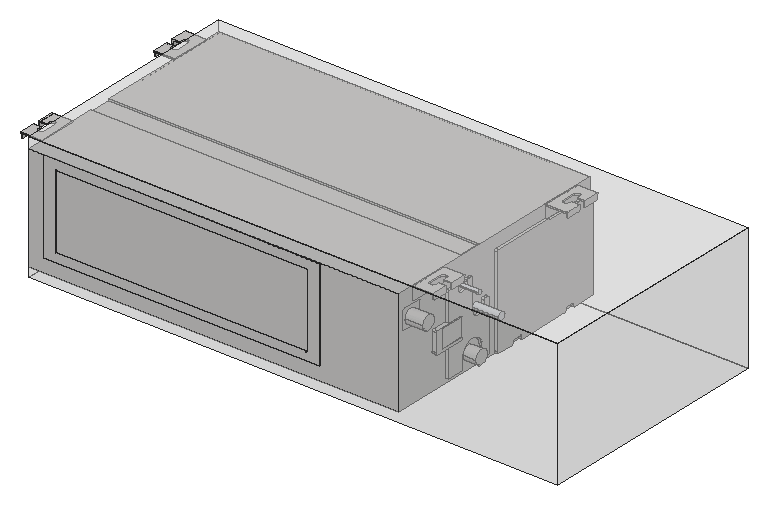
Revit family "outputfile", category 機械設備, Revit 2024
Family settings
  丸型コネクタ寸法 = 半径を使用
  パーツ タイプ = 標準
  OmniClass 番号 = 23.75.10.24.21.27.27
  OmniClass タイトル = Split System Air Conditioning Units
  作業面ベース = いいえ
  常に垂直 = はい
  ロード時にボイドで切り取り = いいえ
  注釈の向きを維持 = いいえ
  共有 = いいえ
  部屋計算ポイント = はい
Parameters (values of type "FPDAQ25APVM")
  Description = ""
  製造元 = "Daikin"
  書き出し IFC クラス(タイプ) = "IfcUnitaryEquipmentType"
  定義済み IFC タイプ(タイプ) = "AIRCONDITIONINGUNIT"
  Cost = 0
  モデル = "FPDAQ25APVM"
  Type Comments = ""
  Keynote = ""
  Type Image = (empty or 0)
  Assembly Code = ""
  lw_suctionflange = 36.75 mm  # constant formula
  r_Liquid Pipe Size = Liquid Pipe Size / 2  # 3.2 mm
  r_Gas Pipe Size = Gas Pipe Size / 2  # 6.35 mm
  r_Drain Pipe Size = Drain Pipe Size / 2  # 13.0 mm
  lw_dischargeflange = 60.0 mm  # constant formula
  lw_SA_left = 351.0 mm
  lw_SA = Width - 178.0 mm  # 522.0 mm
  lw_RA = 624.5 mm
  lh_suctionflange [instance] = if(Rear Connection_Return Air, -100.0 mm, -10.0 mm)  # -100.0 mm
  lh_power = 100.0 mm  # constant formula
  lh_mountinghole1 = lh_mountinghole  # 200.0 mm
  lh_dischargeflange = 112.0 mm  # constant formula
  lh_RA = 198.0 mm  # constant formula
  ld_dischargeflange = 225.0 mm  # constant formula
  ld_suctionflange [instance] = if(Rear Connection_Return Air, 190.0 mm, 100.0 mm)  # 190.0 mm
  angle_vertical_RA [instance] = if(Rear Connection_Return Air, 90.00°, 0.00°)  # 90.00°
  angle horizontal_RA [instance] = if(Rear Connection_Return Air, 180.00°, 270.00°)  # 180.00°
  Voltage_comment_60Hz = "220-230"
  Voltage_comment_50Hz = "220 - 240"
  Voltage_60Hz = 220 V
  Voltage_50Hz = 230 V
  URL = ""
  Supply Air Direction [instance] = yes
  Sound Power Level_H speed (dB) = 0
  Rear Connection_Return Air [instance] = not(Bottom Connection_Return Air)  # yes
  ld_RA = 190.0 mm  # constant formula
  Phase_60Hz = 1
  Phase_50Hz = 1
  Minimum External Static Pressure = 0.00 Pa
  Minimum Circuit Amps_60Hz = 0.4 A
  Minimum Circuit Amps_50Hz = 0.4 A
  Maximum Fuse Amps_60Hz = 16.0 A
  Maximum Fuse Amps_50Hz = 16.0 A
  Maximum External Static Pressure = 10.00 Pa
  Material_Casing = DAIKIN_GalvanizedSteel_Casing_indoorunit
  lw_mountinghole = 740.0 mm
  lh_gaspipe = -98.0 mm  # constant formula
  lh_mountinghole = 200.0 mm  # constant formula
  lh_liquidpipe = -45.5 mm  # constant formula
  lh_drainpipe = -50.0 mm  # constant formula
  lh_antena = 1.0 mm  # constant formula
  ld_drainpipe = 197.0 mm  # constant formula
  ld_liquidpipe = 84.0 mm  # constant formula
  ld_gaspipe = 46.5 mm  # constant formula
  ld_mountinghole = 315.0 mm  # constant formula
  h*** = 100.0 mm  # constant formula
  lw_liquidpipe = 40.0 mm  # constant formula
  lw_gaspipe = 51.0 mm  # constant formula
  lw_drainpipe = 33.0 mm  # constant formula
  Width = 700.0 mm
  Version = "ver.1.0"
  Unit Type = "3D Air Flow Ceiling Mounted Duct Type"
  Unit Mass Weight = 17.00 kg
  Unit Designation [instance] = ""
  Uniclass2015Version = "Products v1.30"
  Uniclass2015Title = "Variable refrigerant flow units"
  Uniclass2015Code = "Pr_70_65_03_94"
  Total Cooling Capacity [instance] = 0.000 kW
  Sound Pressure Level_M speed (dBA) = 27
  Sound Pressure Level_L speed (dBA) = 24
  Sound Pressure Level_H speed (dBA) = 31
  Series = "VRV HOME_Fan Coil Unit"
  Sensible Cooling Capacity [instance] = 0.000 kW
  SA Duct Size Width = 456.0 mm
  SA Duct Size Height = 141.0 mm
  Refrigerant Type = "R410A"
  RA Duct Size Width = 598.5 mm
  RA Duct Size Height = 172.0 mm
  Power Input (Cooling) = 0.029 kW
  Option Accessory 3 [instance] = ""
  Option Accessory 2 [instance] = ""
  Option Accessory 1 [instance] = ""
  Nominal Cooling Capacity = 2.800 kW
  Minimum Airflow = 420.00 m³/h
  Median Airflow = 480.00 m³/h
  Maximum Airflow = 540.00 m³/h
  Load Classification = HVAC
  Liquid Pipe Size = 6.4 mm
  Link_Nested Family [instance] = ""
  IfcVersion = ""
  IfcExportType = "AIRCONDITIONINGUNIT"
  IfcExportAs = "IfcUnitaryEquipmentType"
  Height = 200.0 mm
  Heat Exchanger Type = "Cross Fin Coil"
  Gas Pipe Size = 12.7 mm
  Frequency_60Hz = 60 Hz
  Frequency_50Hz = 50 Hz
  Fan Type = "Sirocco Fan"
  Fan Drive = "Direct Drive"
  FCU Tag No. [instance] = ""
  Drain Pipe Size = 26.0 mm
  Design Supply Airflow [instance] = 0.00 m³/h
  Design Return Airflow [instance] = 0.00 m³/h
  Design External Static Pressure [instance] = 0.00 Pa
  Depth = 450.0 mm
  既定の高さ = 0.0 mm
  Cooling Entering Wet Bulb Temperature [instance] = 0.00 °C
  Cooling Entering Dry Bulb Temperature [instance] = 0.00 °C
  Cooling Ambient Wet Bulb Temperature [instance] = 0.00 °C
  Cooling Ambient Dry Bulb Temperature [instance] = 0.00 °C
  Clearance visibility [instance] = yes
  Clearance Top = 20.0 mm
  Clearance Right = 300.0 mm
  Clearance Rear = 0.0 mm
  Clearance Left = 0.0 mm
  Clearance Front = 0.0 mm
  Clearance Bottom = 20.0 mm
  Bottom Connection_Return Air [instance] = no
  left_pipe = no
Reference planes
  plane 1 "Center (Front/Back)": y = 0
  plane 2 "h": z = 0
  plane 3 "Center (Left/Right)": x = 0
  plane 4 "Back": y = 225
  plane 5 "Front": y = -225
  plane 6 "Left": x = -350
  plane 7 "Reight": x = 350
  plane 8 "Top": z = 0
  plane 9 "Bottom": z = -200
  plane 10: z = 1.2
  plane 11: z = -2
  plane 12: y = -136.255
  plane 13: z = -130.998
  plane 14: y = -88.831
  plane 15: x = -370
  plane 16 "lh_mountinghole": z = 0
  plane 17: y = -197
  plane 18: z = -50
  plane 19: y = -157.5
  plane 20: y = 157.5
  plane 21 "ld_liquidpipe": y = -84
  plane 22 "ld_gaspipe": y = -46.5
  plane 23: y = -215
  plane 24 "ld_maintenacesocket": y = -197
  plane 25: x = -370
  plane 26: x = -350
  plane 27: x = 348.7
  plane 28: x = 383
  plane 29: x = 357
  plane 30: x = 360
  plane 31: x = 358
  plane 32: x = 370
  plane 33: y = -62
  plane 34: x = 375.5
  plane 35: x = 348
  plane 36: y = 225
  plane 37: y = -225
  plane 38: x = -350
  plane 39: x = 650
  plane 40: z = 20
  plane 41: z = -220
  plane 42: y = 250
  plane 43: z = -198
  plane 44: z = 205.102
  plane 45 "d_liquid_pipe": x = 390
  plane 46 "d_gas_pipe": x = 401
  plane 47 "ld_SA": y = -225
  plane 48: x = -350
  plane 49: x = -60
  plane 50: y = 415
  plane 51: z = -88
  plane 52: z = -189.5
  plane 53: x = -349
  plane 54: z = -199
  plane 55: z = -1
  plane 56: y = 35
  plane 57: y = 25
  plane 58: z = -10
  plane 59 "RA_width": x = -36.75
  plane 60: y = 125
  plane 61 "RA_depth": y = 35
  plane 62: z = -100
  plane 63: x = -349
  plane 64: y = 224
  plane 65: x = 242.57
  plane 66: z = -31.16
  plane 67: x = 302
  plane 68: y = 158.8
  plane 69 "h86.5": z = -113.5
  plane 70: y = 111
Forms (mm)
  Extrusion 1, solid, material "DAIKIN_GalvanizedSteel_Casing_indoorunit" <- "Material_Casing"
    sketch origin (0, 0, 0) x (1, 0, 0) y (0, 1, 0)
      loop
        line (-350, 225) -> (-350, -225) -> (350, -225) -> (350, 225) -> (-350, 225)
    from -200 to 0
  Extrusion 2, solid, material "DAIKIN_GalvanizedSteel_Casing_indoorunit" <- "Material_Casing"
    sketch origin (0, 0.312, 0) x (0, 1, 0) y (0, 0, 1)
      loop
        line (182.791, -198) -> (224.688, -198) -> (224.688, -22.445) -> (195.656, -22.445) -> (192.165, -25.937) -> (122.336, -25.937) -> (118.844, -22.445) -> (1.633, -22.445)
        arc (1.633, -22.445) -> (-0.483, -23.322) -> (-1.36, -25.438) r 2.993
        line (-1.36, -25.438) -> (-1.36, -195.007)
        arc (-1.36, -195.007) -> (-0.483, -197.123) -> (1.633, -198) r 2.993
        line (1.633, -198) -> (31.061, -198)
        arc (31.061, -198) -> (33.177, -197.124) -> (34.053, -195.008) r 2.992
        line (34.053, -195.008) -> (34.053, -188.29)
        arc (34.053, -188.29) -> (35.55, -186.794) -> (37.046, -188.29) r 1.496
        line (37.046, -188.29) -> (37.046, -190.333) -> (52.01, -190.333) -> (52.01, -188.29)
        arc (52.01, -188.29) -> (53.506, -186.794) -> (55.002, -188.29) r 1.496
        line (55.002, -188.29) -> (55.002, -195.007)
        arc (55.002, -195.007) -> (55.879, -197.123) -> (57.995, -198) r 2.993
        line (57.995, -198) -> (155.756, -198)
        arc (155.756, -198) -> (157.872, -197.123) -> (158.749, -195.007) r 2.993
        line (158.749, -195.007) -> (158.749, -188.29)
        arc (158.749, -188.29) -> (160.245, -186.794) -> (161.741, -188.29) r 1.496
        line (161.741, -188.29) -> (161.741, -190.333) -> (176.705, -190.333) -> (176.705, -188.29)
        arc (176.705, -188.29) -> (178.201, -186.794) -> (179.697, -188.29) r 1.496
        line (179.697, -188.29) -> (179.697, -195.005)
        arc (179.697, -195.005) -> (180.571, -197.115) -> (182.682, -197.989) r 2.984
      loop
        arc (-61.313, -42.952) -> (-62.034, -41.571) -> (-63.466, -40.958) r 2.32
        line (-63.466, -40.958) -> (-70.317, -40.958)
        arc (-70.317, -40.958) -> (-71.728, -41.542) -> (-72.313, -42.953) r 1.995
        line (-72.313, -42.953) -> (-72.313, -45.5)
        arc (-72.313, -45.5) -> (-84.313, -57.5) -> (-96.313, -45.5) r 12
        line (-96.313, -45.5) -> (-96.313, -42.953)
        arc (-96.313, -42.953) -> (-96.897, -41.542) -> (-98.308, -40.958) r 1.995
        line (-98.308, -40.958) -> (-115.14, -40.958)
        arc (-115.14, -40.958) -> (-116.551, -41.542) -> (-117.135, -42.953) r 1.995
        line (-117.135, -42.953) -> (-117.135, -189.5) -> (-22.307, -189.5) -> (-22.307, -92.768)
        arc (-22.307, -92.768) -> (-22.891, -91.358) -> (-24.302, -90.773) r 1.995
        line (-24.302, -90.773) -> (-30.318, -90.773)
        arc (-30.318, -90.773) -> (-31.728, -91.358) -> (-32.313, -92.768) r 1.995
        line (-32.313, -92.768) -> (-32.313, -99.963)
        arc (-32.313, -99.963) -> (-47.621, -112.774) -> (-61.313, -98.249) r 14.551
        line (-61.313, -98.249) -> (-61.313, -42.952)
    from 350 to 357
  Extrusion 3, solid, material "DAIKIN_GalvanizedSteel_Casing_indoorunit" <- "Material_Casing"
    sketch origin (0, 0, 0) x (0, 1, 0) y (0, 0, 1)
      loop
        line (-91.821, -94.277) -> (-145.472, -94.277)
        arc (-145.472, -94.277) -> (-147.727, -95.07) -> (-148.682, -97.262) r 2.993
        line (-148.682, -97.262) -> (-148.682, -131.007)
        arc (-148.682, -131.007) -> (-147.871, -133.233) -> (-145.694, -134.172) r 2.993
        line (-145.694, -134.172) -> (-92.043, -134.172)
        arc (-92.043, -134.172) -> (-89.788, -133.378) -> (-88.833, -131.187) r 2.993
        line (-88.833, -131.187) -> (-88.831, -97.148)
        arc (-88.831, -97.148) -> (-89.748, -95.111) -> (-91.821, -94.277) r 2.993
    from 350 to 360
  Extrusion 4, void
    sketch origin (0, 0, 0) x (1, 0, 0) y (0, 1, 0)
      loop
        line (348.7, -35.647) -> (-350, -35.647) -> (-350, -77.912) -> (348.7, -77.912) -> (348.7, -35.647)
    from -2 to 0
  Extrusion 5, void
    sketch origin (0, 0, 0) x (0, 1, 0) y (0, 0, 1)
      loop
        line (-136.255, -95.719) -> (-136.255, -130.724) -> (-88.831, -130.724) -> (-88.831, -95.719) -> (-136.255, -95.719)
    from 358 to 360
  Extrusion 6, void
    sketch origin (0, 0, 29.537) x (0, 1, 0) y (0, 0, 1)
      loop
        arc (-37.558, -199.001) -> (-61.998, -174.561) -> (-86.438, -199.001) r 24.44
        line (-86.438, -199.001) -> (-86.438, -219.037) -> (-37.558, -219.037) -> (-37.558, -199.001)
    from 357 to 350
  Extrusion 7, solid, material "DAIKIN_GalvanizedSteel_Casing_indoorunit" <- "Material_Casing"
    sketch origin (0, 0, 0) x (0, 1, 0) y (0, 0, 1)
      loop
        circle (-62, -170) r 12.968
    from 350 to 375.5
  Extrusion 8, solid, material "DAIKIN_GalvanizedSteel_Casing_indoorunit" <- "Material_Casing"
    sketch origin (0, 0, 0) x (0, 1, 0) y (0, 0, 1)
      loop
        circle (-197, -50) r 13
    from 348 to 383
  Extrusion 9, void
    sketch origin (0, 0, 0) x (0, 1, 0) y (0, 0, 1)
      loop
        arc (-212.961, -29.051) -> (-216.488, -30.512) -> (-217.949, -34.039) r 4.988
        line (-217.949, -34.039) -> (-217.949, -63.961)
        arc (-217.949, -63.961) -> (-216.488, -67.488) -> (-212.961, -68.949) r 4.988
        line (-212.961, -68.949) -> (-181.039, -68.949)
        arc (-181.039, -68.949) -> (-177.512, -67.488) -> (-176.051, -63.961) r 4.988
        line (-176.051, -63.961) -> (-176.051, -34.039)
        arc (-176.051, -34.039) -> (-177.512, -30.512) -> (-181.039, -29.051) r 4.988
        line (-181.039, -29.051) -> (-212.961, -29.051)
    from 348 to 350
  Extrusion 10, solid
    sketch origin (0, 0, 0) x (0, 1, 0) y (0, 0, 1)
      loop
        circle (-84, -45.5) r 3.2
    from 350 to 390
  Extrusion 11, solid
    sketch origin (0, 0, 0) x (0, 1, 0) y (0, 0, 1)
      loop
        circle (-46.5, -98) r 6.35
    from 350 to 401
  Extrusion 12, solid, material "DAIKIN_GalvanizedSteel_Casing_indoorunit" <- "Material_Casing"
    sketch origin (0, 0, 0) x (1, 0, 0) y (0, 1, 0)
      loop
        circle (302, 158.8) r 25
    from -198 to -200
  Extrusion 13, void
    sketch origin (0, 0, 0) x (1, 0, 0) y (0, 0, 1)
      loop
        line (-349, -1) -> (-349, -199) -> (262.5, -199) -> (262.5, -1) -> (-349, -1)
    from -225 to -35
  Extrusion 14, void
    sketch origin (0, 0, 0) x (1, 0, 0) y (0, 1, 0)
      loop
        line (-349, 224) -> (-349, 26) -> (262.5, 26) -> (262.5, 224) -> (-349, 224)
    from -200 to -10
  Extrusion 15, solid, material "DAIKIN_GalvanizedSteel_Casing_indoorunit" <- "Material_Casing", visible <- "Rear Connection_Return Air"
    sketch origin (0, 0, 0) x (1, 0, 0) y (0, 1, 0)
      loop
        line (262.5, 224) -> (-349, 224) -> (-349, 26) -> (262.5, 26) -> (262.5, 224)
    from -200 to -199
  Extrusion 16, solid, material "DAIKIN_GalvanizedSteel_Casing_indoorunit" <- "Material_Casing", visible <- "Bottom Connection_Return Air"
    sketch origin (0, 0, 0) x (1, 0, 0) y (0, 0, 1)
      loop
        line (262.5, -1) -> (-349, -1) -> (-349, -199) -> (262.5, -199) -> (262.5, -1)
    from -225 to -215
  Extrusion 17, void
    sketch origin (-350, 0, 0) x (0, 1, 0) y (0, 0, 1)
      loop
        line (152, -88.5) -> (70, -88.5) -> (70, -138.5) -> (152, -138.5) -> (152, -88.5)
    from 0 to 0.5
  Revolve 18, solid, material "DAIKIN_GalvanizedSteel_Casing_indoorunit" <- "Material_Casing", visible <- "left_pipe"
    sketch origin (0, 0, -113.5) x (0, 1, 0) y (-1, 0, 0)
      loop
        line (111, 349.5) -> (111, 373) -> (103.5, 373) -> (103.5, 359) -> (93.5, 359) -> (93.5, 357.5) -> (90, 357.5) -> (90, 349.5) -> (111, 349.5)
      axis (111, 373) -> (111, 349.5)
    angle from 0 to 360
Cuts and joins
  Extrusion 4, Extrusion 5, Extrusion 9, Extrusion 13, Extrusion 14, Extrusion 17 cuts Extrusion 1
  Extrusion 5 cuts Extrusion 3
  Extrusion 6 cuts Extrusion 2
  Extrusion 13 cuts Extrusion 8
Dimensions and locks
  "Height": plane 8 "Top" to plane 9 "Bottom"
  locked: plane 10 to plane 8 "Top" at 1.2
  locked: plane 8 "Top" to plane 11 at 2
  locked: Extrusion 6 sketch curve to Extrusion 6 sketch curve at 48.881
  locked: Extrusion 6 sketch curve to Extrusion 6 sketch curve at 20.035  (x2)
  equal spacing: plane 19, plane 1 "Center (Front/Back)", plane 20
  "ld_mountinghole": plane 19 to plane 20
  "ld_gaspipe": plane 22 "ld_gaspipe" to plane 1 "Center (Front/Back)"
  "ld_liquidpipe": plane 21 "ld_liquidpipe" to plane 1 "Center (Front/Back)"
  "ld_drainpipe": plane 24 "ld_maintenacesocket" to plane 1 "Center (Front/Back)"
  equal spacing: plane 4 "Back", plane 1 "Center (Front/Back)", plane 5 "Front"
  "Depth": plane 4 "Back" to plane 5 "Front"
  locked: plane 12 to plane 1 "Center (Front/Back)" at 136.255
  locked: plane 12 to plane 14 at 47.425
  locked: plane 14 to plane 1 "Center (Front/Back)" at 88.831
  locked: plane 13 to plane 9 "Bottom" at 69.002
  equal spacing: plane 6 "Left", plane 3 "Center (Left/Right)", plane 7 "Reight"
  "Width": plane 6 "Left" to plane 7 "Reight"
  "lw_drainpipe": plane 7 "Reight" to plane 28
  locked: plane 7 "Reight" to plane 29 at 7
  locked: plane 30 to plane 28 at 23
  locked: plane 31 to plane 28 at 25
  equal spacing: plane 25, plane 3 "Center (Left/Right)", plane 32
  "lw_mountinghole": plane 25 to plane 32
  locked: plane 7 "Reight" to plane 34 at 25.5
  locked: plane 35 to plane 7 "Reight" at 2
  "Clearance Left": plane 38 to plane 6 "Left"
  "Clearance Right": plane 7 "Reight" to plane 39
  "Clearance Rear": plane 36 to plane 4 "Back"
  "Clearance Front": plane 5 "Front" to plane 37
  "Clearance Top": plane 40 to plane 8 "Top"
  "Clearance Bottom": plane 9 "Bottom" to plane 41
  locked: plane 42 to plane 4 "Back" at 25
  locked: plane 27 to plane 7 "Reight" at 1.3
  locked: plane 43 to plane 9 "Bottom" at 2
  "lw_liquidpipe": plane 7 "Reight" to plane 45 "d_liquid_pipe"
  "lw_gaspipe": plane 7 "Reight" to plane 46 "d_gas_pipe"
  "lh_mountinghole": plane 16 "lh_mountinghole" to plane 9 "Bottom"
  "ld_suctionflange": plane 50 to plane 4 "Back"
  "lw_dischargeflange": plane 49 to plane 3 "Center (Left/Right)"
  "lh_dischargeflange": plane 51 to plane 9 "Bottom"
  locked: plane 52 to plane 9 "Bottom" at 10.5
  locked: plane 33 to plane 1 "Center (Front/Back)" at 62
  locked: plane 8 "Top" to plane 55 at 1
  locked: plane 53 to plane 6 "Left" at 1
  locked: plane 54 to plane 9 "Bottom" at 1
  locked: plane 58 to plane 9 "Bottom" at 190
  locked: plane 4 "Back" to plane 56 at 190
  locked: plane 4 "Back" to plane 57 at 200
  locked: plane 4 "Back" to plane 60 at 100
  "lw_suctionflange": plane 59 "RA_width" to plane 3 "Center (Left/Right)"
  "ld_suctionflange": plane 4 "Back" to plane 61 "RA_depth"
  "lh_power": plane 62 to plane 9 "Bottom"
  locked: plane 48 to plane 63 at 1
  locked: plane 36 to plane 64 at 1
  locked: plane 8 "Top" to plane 66 at 31.16
  locked: plane 7 "Reight" to plane 65 at 107.43
  locked: plane 18 to plane 9 "Bottom" at 150
  locked: plane 67 to plane 7 "Reight" at 48
  locked: Extrusion 17 sketch curve to Extrusion 17 sketch curve at 82
  locked: Extrusion 17 sketch curve to Extrusion 17 sketch curve at 50
  locked: plane 4 "Back" to Extrusion 17 sketch curve at 73
  locked: Extrusion 17 sketch curve to plane 9 "Bottom" at 61.5
  locked: plane 69 "h86.5" to plane 9 "Bottom" at 86.5
  locked: plane 4 "Back" to plane 70 at 114
  locked: plane 70 to Revolve 18 sketch curve at 21
  locked: plane 70 to Revolve 18 sketch curve at 17.5
  locked: plane 70 to Revolve 18 sketch curve at 7.5
  locked: Revolve 18 sketch curve to plane 6 "Left" at 23
  cut or joined group of Extrusion 1, Extrusion 4, Extrusion 5, Extrusion 9, Extrusion 13, Extrusion 14, Extrusion 17 to nested 16 = 598.5 mm
  nested 16 to nested 9 = 14.0 mm
  nested 16 to cut or joined group of Extrusion 1, Extrusion 4, Extrusion 5, Extrusion 9, Extrusion 13, Extrusion 14, Extrusion 17 = 13.0 mm
  "ld_dischargeflange": plane 47 "ld_SA" to plane 1 "Center (Front/Back)"
  plane 4 "Back" to plane 68 = 66.2 mm
  "Drain Pipe Size": diameter of Extrusion 8 sketch curve
  "Liquid Pipe Size": diameter of Extrusion 10 sketch curve
  "Gas Pipe Size": diameter of Extrusion 11 sketch curve
  aligned and locked: level to plane 2 "h"
  aligned and locked: plane 8 "Top" to Extrusion 1
  aligned and locked: Extrusion 1 to plane 9 "Bottom"
  aligned and locked: cut or joined group of Extrusion 1, Extrusion 4, Extrusion 5, Extrusion 9, Extrusion 13, Extrusion 14, Extrusion 17 to plane 8 "Top"
  aligned and locked: Extrusion 4 to plane 11
  aligned and locked: plane 8 "Top" to Extrusion 4
  aligned and locked: Extrusion 3 to Extrusion 5
  aligned and locked: plane 14 to Extrusion 5 sketch curve
  aligned and locked: Extrusion 5 sketch curve to plane 12
  aligned and locked: plane 19 to nested 1
  aligned and locked: nested 3 to plane 19
  aligned and locked: nested 2 to plane 20
  aligned and locked: nested 4 to plane 22 "ld_gaspipe"
  aligned and locked: nested 5 to plane 21 "ld_liquidpipe"
  aligned and locked: nested 6 to plane 24 "ld_maintenacesocket"
  aligned and locked: plane 4 "Back" to cut or joined group of Extrusion 2, Extrusion 6
  aligned and locked: nested 1 to plane 7 "Reight"
  aligned and locked: plane 6 "Left" to plane 26
  aligned and locked: Extrusion 4 sketch curve to plane 26
  aligned and locked: Extrusion 4 sketch curve to plane 27
  aligned and locked: cut or joined group of Extrusion 1, Extrusion 4, Extrusion 5, Extrusion 9, Extrusion 13, Extrusion 14, Extrusion 17 to plane 6 "Left"
  aligned and locked: plane 7 "Reight" to cut or joined group of Extrusion 1, Extrusion 4, Extrusion 5, Extrusion 9, Extrusion 13, Extrusion 14, Extrusion 17
  aligned and locked: plane 28 to Extrusion 8
  aligned and locked: Extrusion 8 to plane 28  (x2)
  aligned and locked: cut or joined group of Extrusion 2, Extrusion 6 to plane 29
  aligned and locked: plane 29 to cut or joined group of Extrusion 2, Extrusion 6  (x3)
  aligned and locked: plane 7 "Reight" to nested 1
  aligned and locked: cut or joined group of Extrusion 2, Extrusion 6 to plane 7 "Reight"
  aligned and locked: Extrusion 2 to Extrusion 6
  aligned and locked: Extrusion 6 to plane 7 "Reight"
  aligned and locked: plane 30 to cut or joined group of Extrusion 3, Extrusion 5
  aligned and locked: cut or joined group of Extrusion 3, Extrusion 5 to plane 31
  aligned and locked: nested 2 to plane 6 "Left"
  aligned and locked: nested 3 to plane 6 "Left"
  aligned and locked: plane 33 to Extrusion 7 sketch curve
  aligned and locked: Extrusion 7 to plane 7 "Reight"
  aligned and locked: plane 34 to Extrusion 7
  aligned and locked: Extrusion 3 to plane 7 "Reight"
  aligned and locked: plane 7 "Reight" to Extrusion 9
  aligned and locked: plane 35 to Extrusion 9
  aligned and locked: plane 35 to Extrusion 8
  aligned and locked: plane 20 to nested 7
  aligned and locked: plane 3 "Center (Left/Right)" to nested 8
  aligned and locked: plane 1 "Center (Front/Back)" to nested 8
  aligned and locked: plane 7 "Reight" to nested 7
  aligned and locked: plane 4 "Back" to cut or joined group of Extrusion 1, Extrusion 4, Extrusion 5, Extrusion 9, Extrusion 13, Extrusion 14, Extrusion 17
  aligned and locked: nested 9 to plane 37
  aligned and locked: plane 38 to nested 9
  aligned and locked: plane 39 to nested 9
  aligned and locked: nested 9 to plane 38
  aligned and locked: plane 36 to nested 9
  aligned and locked: plane 40 to nested 9
  aligned and locked: plane 41 to nested 9
  aligned and locked: cut or joined group of Extrusion 1, Extrusion 4, Extrusion 5, Extrusion 9, Extrusion 13, Extrusion 14, Extrusion 17 to plane 9 "Bottom"
  aligned and locked: Extrusion 10 to plane 7 "Reight"
  aligned and locked: plane 45 "d_liquid_pipe" to Extrusion 10
  aligned and locked: plane 22 "ld_gaspipe" to Extrusion 11 sketch curve
  aligned and locked: Extrusion 11 to plane 7 "Reight"
  aligned and locked: plane 46 "d_gas_pipe" to Extrusion 11
  aligned and locked: plane 46 "d_gas_pipe" to nested 4
  aligned and locked: plane 45 "d_liquid_pipe" to nested 5
  aligned and locked: plane 21 "ld_liquidpipe" to Extrusion 10 sketch curve
  aligned and locked: plane 16 "lh_mountinghole" to nested 3
  aligned and locked: plane 16 "lh_mountinghole" to nested 2
  aligned and locked: plane 16 "lh_mountinghole" to nested 1
  aligned and locked: plane 16 "lh_mountinghole" to nested 7
  aligned and locked: plane 32 to nested 10
  aligned and locked: plane 19 to nested 10
  aligned and locked: plane 32 to nested 13
  aligned and locked: plane 20 to nested 13
  aligned and locked: plane 25 to nested 11
  aligned and locked: plane 20 to nested 11
  aligned and locked: plane 25 to nested 12
  aligned and locked: plane 19 to nested 12
  aligned and locked: plane 49 to nested 14
  aligned and locked: plane 51 to nested 14
  aligned and locked: plane 20 to nested 15
  aligned and locked: plane 52 to Extrusion 2 sketch curve
  aligned and locked: cut or joined group of Extrusion 2, Extrusion 6 to Extrusion 12
  aligned and locked: Extrusion 12 to plane 9 "Bottom"
  aligned and locked: nested 15 to plane 9 "Bottom"
  aligned and locked: Extrusion 2 sketch curve to plane 43  (x3)
  aligned and locked: plane 53 to Extrusion 13 sketch curve
  aligned and locked: Extrusion 13 sketch curve to plane 55
  aligned and locked: plane 54 to Extrusion 13 sketch curve
  aligned and locked: plane 4 "Back" to Extrusion 13
  aligned and locked: nested 16 to cut or joined group of Extrusion 1, Extrusion 4, Extrusion 5, Extrusion 9, Extrusion 13, Extrusion 14, Extrusion 17
  aligned and locked: Extrusion 14 to plane 9 "Bottom"
  aligned and locked: plane 58 to Extrusion 14
  aligned and locked: Extrusion 15 sketch curve to cut or joined group of Extrusion 1, Extrusion 4, Extrusion 5, Extrusion 9, Extrusion 13, Extrusion 14, Extrusion 17  (x2)
  aligned and locked: cut or joined group of Extrusion 1, Extrusion 4, Extrusion 5, Extrusion 9, Extrusion 13, Extrusion 14, Extrusion 17 to Extrusion 15 sketch curve
  aligned and locked: Extrusion 15 to plane 9 "Bottom"
  aligned and locked: Extrusion 13 to plane 56
  aligned and locked: Extrusion 16 sketch curve to cut or joined group of Extrusion 1, Extrusion 4, Extrusion 5, Extrusion 9, Extrusion 13, Extrusion 14, Extrusion 17  (x3)
  aligned and locked: plane 4 "Back" to Extrusion 16
  aligned and locked: Extrusion 15 to cut or joined group of Extrusion 1, Extrusion 4, Extrusion 5, Extrusion 9, Extrusion 13, Extrusion 14, Extrusion 17
  aligned and locked: plane 7 "Reight" to nested 6
  aligned and locked: plane 24 "ld_maintenacesocket" to nested 6
  aligned and locked: plane 61 "RA_depth" to nested 17
  aligned and locked: plane 67 to Extrusion 12 sketch curve
  aligned and locked: plane 68 to Extrusion 12 sketch curve
  aligned and locked: plane 67 to nested 15
  aligned and locked: nested 18 to Extrusion 16
  aligned and locked: plane 70 to Revolve 18 sketch curve
  aligned and locked: plane 49 to nested 19
  aligned and locked: plane 47 "ld_SA" to nested 19
  aligned and locked: plane 1 "Center (Front/Back)" to nested 14
  aligned and locked: nested 19 to plane 51
Automatic sketch dimensions
  Extrusion 3 sketch curve to Extrusion 3 sketch curve = 0.217 mm  (x2)
  Extrusion 3 sketch curve to Extrusion 3 sketch curve = 2.985 mm  (x2)
  Extrusion 3 sketch curve to Extrusion 3 sketch curve = 53.651 mm
  Extrusion 3 sketch curve to Extrusion 3 sketch curve = 2.988 mm
  Extrusion 3 sketch curve to Extrusion 3 sketch curve = 0.172 mm
  Extrusion 3 sketch curve to Extrusion 3 sketch curve = 0.222 mm
  Extrusion 3 sketch curve to Extrusion 3 sketch curve = 2.993 mm
  Extrusion 3 sketch curve to Extrusion 3 sketch curve = 0.008 mm
  plane 1 "Center (Front/Back)" to Extrusion 4 sketch curve = 77.912 mm
  plane 1 "Center (Front/Back)" to Extrusion 4 sketch curve = 35.647 mm
  plane 9 "Bottom" to Extrusion 7 sketch curve = 30.0 mm
  Extrusion 3 sketch curve to Extrusion 3 sketch curve = 2.99 mm
  plane 9 "Bottom" to Extrusion 3 sketch curve = 65.828 mm
  Extrusion 3 sketch curve to Extrusion 3 sketch curve = 33.917 mm
  Extrusion 3 sketch curve to Extrusion 3 sketch curve = 33.745 mm
  Extrusion 3 sketch curve to plane 19 = 8.818 mm
  plane 23 to Extrusion 1 sketch curve = 10.0 mm
  Extrusion 1 sketch curve to plane 6 "Left" = 0.0 mm
  Extrusion 1 sketch curve to plane 7 "Reight" = 0.0 mm
  plane 23 to Extrusion 9 sketch curve = 2.949 mm
  Extrusion 9 sketch curve to plane 23 = 2.039 mm  (x2)
  Extrusion 9 sketch curve to plane 24 "ld_maintenacesocket" = 15.961 mm
  Extrusion 9 sketch curve to Extrusion 9 sketch curve = 4.988 mm  (x2)
  Extrusion 1 sketch curve to plane 4 "Back" = 0.0 mm
  plane 21 "ld_liquidpipe" to Extrusion 6 sketch curve = 2.438 mm
  plane 43 to Extrusion 6 sketch curve = 8.5 mm
  plane 6 "Left" to Extrusion 14 sketch curve = 1.0 mm
  Extrusion 14 sketch curve to plane 7 "Reight" = 87.5 mm
  Extrusion 14 sketch curve to plane 4 "Back" = 1.0 mm
  Extrusion 15 sketch curve to plane 4 "Back" = 1.0 mm
  plane 51 to Extrusion 5 sketch curve = 7.719 mm
  Extrusion 9 sketch curve to plane 51 = 19.051 mm
  Extrusion 9 sketch curve to plane 58 = 24.039 mm
  Extrusion 10 sketch curve to plane 58 = 35.5 mm
  plane 35 to Extrusion 16 sketch curve = 85.5 mm
  plane 35 to Extrusion 13 sketch curve = 85.5 mm
  plane 57 to Extrusion 14 sketch curve = 1.0 mm
  Extrusion 8 sketch curve to plane 17 = 0.0 mm
  Extrusion 8 sketch curve to plane 18 = 0.0 mm
  plane 62 to Extrusion 11 sketch curve = 2.0 mm
  plane 13 to Extrusion 5 sketch curve = 0.274 mm
  Revolve 18 sketch curve to plane 70 = 0.0 mm
  plane 6 "Left" to Revolve 18 sketch curve = 0.5 mm
  Revolve 18 sketch curve to Revolve 18 sketch curve = 24.26 mm
  Revolve 18 sketch curve to Revolve 18 sketch curve = 20.32 mm
  Extrusion 2 sketch curve to plane 4 "Back" = 0.0 mm
  plane 66 to Extrusion 2 sketch curve = 5.223 mm
  Extrusion 2 sketch curve to plane 4 "Back" = 32.523 mm
  plane 43 to Extrusion 2 sketch curve = 2.995 mm
  Extrusion 2 sketch curve to plane 20 = 25.494 mm
  plane 52 to Extrusion 2 sketch curve = 1.21 mm  (x4)
  Extrusion 2 sketch curve to Extrusion 2 sketch curve = 2.984 mm
  Extrusion 2 sketch curve to Extrusion 2 sketch curve = 1.496 mm  (x3)
  Extrusion 2 sketch curve to plane 52 = 0.833 mm  (x2)
  Extrusion 2 sketch curve to plane 20 = 4.554 mm
  plane 20 to Extrusion 2 sketch curve = 1.432 mm
  Extrusion 2 sketch curve to plane 60 = 2.352 mm
  Extrusion 2 sketch curve to Extrusion 2 sketch curve = 3.492 mm
  plane 43 to Extrusion 2 sketch curve = 2.993 mm
  plane 56 to Extrusion 2 sketch curve = 23.307 mm
  plane 56 to Extrusion 2 sketch curve = 2.359 mm
  plane 56 to Extrusion 2 sketch curve = 0.862 mm
  Extrusion 2 sketch curve to plane 56 = 0.634 mm
  Extrusion 2 sketch curve to Extrusion 2 sketch curve = 2.992 mm
  Extrusion 2 sketch curve to plane 1 "Center (Front/Back)" = 1.945 mm  (x2)
  plane 1 "Center (Front/Back)" to Extrusion 2 sketch curve = 1.047 mm
  Extrusion 2 sketch curve to Extrusion 2 sketch curve = 20.947 mm
  Extrusion 2 sketch curve to Extrusion 2 sketch curve = 1.995 mm  (x4)
  Extrusion 2 sketch curve to Extrusion 2 sketch curve = 6.016 mm
  plane 62 to Extrusion 2 sketch curve = 0.037 mm
  Extrusion 2 sketch curve to plane 22 "ld_gaspipe" = 0.051 mm
  Extrusion 2 sketch curve to plane 66 = 11.792 mm
  Extrusion 2 sketch curve to Extrusion 2 sketch curve = 30.995 mm
  Extrusion 2 sketch curve to Extrusion 2 sketch curve = 2.154 mm
  Extrusion 2 sketch curve to Extrusion 2 sketch curve = 0.144 mm
  Extrusion 2 sketch curve to Extrusion 2 sketch curve = 6.708 mm
  plane 21 "ld_liquidpipe" to Extrusion 2 sketch curve = 0.0 mm
  Extrusion 2 sketch curve to plane 66 = 9.798 mm
  Extrusion 2 sketch curve to Extrusion 2 sketch curve = 16.833 mm
  plane 21 "ld_liquidpipe" to Extrusion 2 sketch curve = 32.823 mm
  plane 51 to Extrusion 2 sketch curve = 4.768 mm
  Extrusion 2 sketch curve to Extrusion 2 sketch curve = 2.547 mm
  Extrusion 2 sketch curve to Extrusion 2 sketch curve = 0.321 mm
  plane 66 to Extrusion 2 sketch curve = 5.722 mm
  Extrusion 2 sketch curve to Extrusion 2 sketch curve = 3.491 mm
  Extrusion 2 sketch curve to Extrusion 2 sketch curve = 0.11 mm
  Extrusion 2 sketch curve to Extrusion 2 sketch curve = 0.0 mm
  plane 66 to Extrusion 2 sketch curve = 8.715 mm
  Revolve 18 sketch curve to Revolve 18 sketch curve = 1.5 mm
  Revolve 18 sketch curve to plane 6 "Left" = 7.5 mm
  radius of Extrusion 7 sketch curve = 12.968 mm
  radius of Extrusion 12 sketch curve = 25.0 mm
Nested families
  nested 1: "daikin_hangerfixture_FPDSQ-APVM" at (350, -157.5, 0), type "daikin_hangerfixture_FPDSQ-APVM"
  nested 2: "daikin_hangerfixture_FPDSQ-APVM" at (-350, 157.5, 0) x (-1, 0, 0) z (0, 0, 1), type "daikin_hangerfixture_FPDSQ-APVM"
  nested 3: "daikin_hangerfixture_FPDSQ-APVM" at (-350, -157.5, 0) x (-1, 0, 0) z (0, 0, 1), type "daikin_hangerfixture_FPDSQ-APVM"
  nested 4: "daikin_connector_rotate2" at (350, -46.5, -98) x (0, 1, 0) z (0, 0, 1), length <- "lw_gaspipe", built-in parameter 1001364 <- "lh_gaspipe", type "daikin_connector_rotate2"
    with radius 6.35 mm, length 51.0 mm, angle_vertical 90.00°
  nested 5: "daikin_connector_rotate2" at (350, -84, -45.5) x (0, 1, 0) z (0, 0, 1), length <- "lw_liquidpipe", built-in parameter 1001364 <- "lh_liquidpipe", type "daikin_connector_rotate2"
    with radius 3.2 mm, length 40.0 mm, angle_vertical 90.00°
  nested 6: "daikin_connector_rotate2" at (350, -197, -50) x (0, 1, 0) z (0, 0, 1), length <- "lw_drainpipe", built-in parameter 1001364 <- "lh_drainpipe", type "daikin_connector_rotate2"
    with radius 13.0 mm, length 33.0 mm, angle_vertical 90.00°
  nested 7: "daikin_hangerfixture_FPDSQ-APVM" at (350, 157.5, 0), type "daikin_hangerfixture_FPDSQ-APVM"
  nested 8: "daikin_△_symbolicline" at (0, 0, 200), built-in parameter 1001364 <- "Height", visible <- "Supply Air Direction", type "daikin_△_symbolicline"
    with length 200.0 mm
  nested 9: "daikin_clearancespace" at (150, 0, -99.881), visible <- "Clearance visibility", show <- "Clearance visibility", Link_Nested Family <- "Link_Nested Family", type "daikin_clearancespace"
    with width 1000.0 mm, show yes, height 240.0 mm, depth 450.0 mm, Link_Nested Family ""
  nested 10: "daikin_mountinghole" at (370, -157.5, -200), l_antenna <- "lh_antena", Link_Nested Family <- "Link_Nested Family", h_mountinghole <- "lh_mountinghole1", type "daikin_mountinghole"
    with show yes, l_antenna 1.0 mm, h_mountinghole 200.0 mm, Link_Nested Family ""
  nested 11: "daikin_mountinghole" at (-370, 157.5, -200), l_antenna <- "lh_antena", Link_Nested Family <- "Link_Nested Family", h_mountinghole <- "lh_mountinghole1", type "daikin_mountinghole"
    with show yes, l_antenna 1.0 mm, h_mountinghole 200.0 mm, Link_Nested Family ""
  nested 12: "daikin_mountinghole" at (-370, -157.5, -200), l_antenna <- "lh_antena", Link_Nested Family <- "Link_Nested Family", h_mountinghole <- "lh_mountinghole1", type "daikin_mountinghole"
    with show yes, l_antenna 1.0 mm, h_mountinghole 200.0 mm, Link_Nested Family ""
  nested 13: "daikin_mountinghole" at (370, 157.5, -200), l_antenna <- "lh_antena", Link_Nested Family <- "Link_Nested Family", h_mountinghole <- "lh_mountinghole1", type "daikin_mountinghole"
    with show yes, l_antenna 1.0 mm, h_mountinghole 200.0 mm, Link_Nested Family ""
  nested 14: "daikin_connector_rotate2" at (-60, 0, -88), length <- "ld_dischargeflange", type "daikin_connector_rotate2"
    with radius 10.0 mm, length 225.0 mm, angle_vertical 90.00°
  nested 15: "daikin_connector_rotate2" at (302, 157.5, -100) x (1, 0, 0) z (0, -1, 0), length <- "lh_power", type "daikin_connector_rotate2"
    with radius 10.0 mm, length 100.0 mm, angle_vertical 90.00°
  nested 16: "daikin_ductflange_FPDSQ-APVM2" at (-36.75, 225, -199), height <- "lh_RA", width <- "lw_RA", visible <- "Rear Connection_Return Air", type "daikin_ductflange_FPDSQ-APVM2"
    with width 624.5 mm, height 198.0 mm, depth 8.188 mm
  nested 17: "daikin_connector_rotate3" at (-36.75, 35, -100), built-in parameter 1001364 <- "lh_suctionflange", length <- "ld_RA", angle_vertical <- "angle_vertical_RA", angle_horizontal <- "angle horizontal_RA", type "daikin_connector_rotate3"
    with show no, radius 10.0 mm, length 190.0 mm, angle_vertical 90.00°, angle_horizontal 180.00°
  nested 18: "daikin_ductflange_FPDSQ-APVM2" at (-36.75, 26, -200) x (1, 0, 0) z (0, 1, 0), width <- "lw_RA", height <- "lh_RA", visible <- "Bottom Connection_Return Air", type "daikin_ductflange_FPDSQ-APVM2"
    with width 624.5 mm, height 198.0 mm, depth 562.323 mm
  nested 19: "daikin_ductflange_FPDSQ-APVM3" at (-60, -225, -187), height <- "lh_RA", width <- "lw_SA", type "daikin_ductflange_FPDSQ-APVM3"
    with width 522.0 mm, height 198.0 mm, depth 1.0 mm
Connectors
  piping at (401, -46.5, -98), diameter 12.7, driven by "r_Gas Pipe Size"
    settings: on nested 4, index 3, connector inside diameter 609.6 mm, connector length 0.0 mm, flow factor 0, pipe flow 0.00 m³/h, pressure drop 0.0 Pa, fitting loss kfactor 0, connector angle 0.00°, fixture units 0, engagement length 0.0 mm, angle of deflection 0.00°, flow configuration 1, flow direction 2, fitting loss method 0, system type 29, joint type 0, gender type 0, connector reference index -1, connector utility 0, adjustable connector no, is connector primary yes, connector description "Refrigerant Gas Piping"
  piping at (390, -84, -45.5), diameter 6.4, driven by "r_Liquid Pipe Size"
    settings: on nested 5, index 4, connector inside diameter 609.6 mm, connector length 0.0 mm, flow factor 0, pipe flow 0.00 m³/h, pressure drop 0.0 Pa, fitting loss kfactor 0, connector angle 0.00°, fixture units 0, engagement length 0.0 mm, angle of deflection 0.00°, flow configuration 1, flow direction 1, fitting loss method 0, system type 29, joint type 0, gender type 0, connector reference index -1, connector utility 0, adjustable connector no, is connector primary no, connector description "Refrigerant Liquid Piping"
  piping at (383, -197, -50), diameter 26, driven by "r_Drain Pipe Size"
    settings: on nested 6, index 5, connector inside diameter 609.6 mm, connector length 0.0 mm, flow factor 0, pipe flow 0.00 m³/h, pressure drop 0.0 Pa, fitting loss kfactor 0, connector angle 0.00°, fixture units 0, engagement length 0.0 mm, angle of deflection 0.00°, flow configuration 1, flow direction 2, fitting loss method 4, system type 16, joint type 0, gender type 0, connector reference index -1, connector utility 0, adjustable connector no, is connector primary no, connector description "Condensate Drain Piping"
  electrical at (302, 157.5, -200), driven by "Load Classification"
    settings: on nested 15, index 12, voltage 0 V, apparent load 0 VA, apparent load phase1 0 VA, apparent load phase2 0 VA, apparent load phase3 0 VA, power factor 1, load classification "HVAC", number of poles 1, system type 30, power factor state 1, is connector primary yes, connector utility no, sub classification motor no, connector description "Power Supply"
  hvac at (-36.75, 225, -100), driven by "RA Duct Size Height", driven by "RA Duct Size Width"
    settings: on nested 17, index 13, duct flow 0.00 m³/h, flow factor 0, pres drop 0.00 Pa, loss coef 0, conn angle 0.00°, conn width 598.5 mm, conn height 172.0 mm, conn diameter 609.6 mm, duct sys type 2, conn prof type 1, flow config 0, flow direction 1, loss method 4, conn ref index -1, conn util no, is conn primary yes, conn desc "RA Duct"
  hvac at (-60, -225, -88), driven by "SA Duct Size Height", driven by "SA Duct Size Width"
    settings: on nested 14, index 14, duct flow 0.00 m³/h, flow factor 0, pres drop 0.00 Pa, loss coef 0, conn angle 0.00°, conn width 456.0 mm, conn height 141.0 mm, conn diameter 609.6 mm, duct sys type 1, conn prof type 1, flow config 0, flow direction 2, loss method 4, conn ref index -1, conn util no, is conn primary no, conn desc "SA Duct"
Definition of nested family "daikin_hangerfixture_FPDSQ-APVM"
  Parameters (values of type "daikin_hangerfixture_FXDSQ-AVM")
    width = 40.0 mm
    material = none
    height = 25.0 mm
    depth = 75.0 mm
    Default Elevation = 0.0 mm
  Reference planes
    plane 1 "Center (Front/Back)": y = 0
    plane 2: z = 0
    plane 3 "Center (Left/Right)": x = 0
    plane 4: y = 417.146
    plane 5: z = -1.6
    plane 6: z = -65
    plane 7: z = -12
    plane 8: x = 40
    plane 9: y = 37.5
    plane 10: y = -37.5
    plane 11: y = -41
    plane 12: y = 41
    plane 13: z = -25
    plane 14: x = 1.5
    plane 15: x = 14
    plane 16: x = 26
    plane 17: x = 38
  Forms (mm)
    Extrusion 1, solid, material <- "material"
      sketch origin (0, 0, 0) x (1, 0, 0) y (0, 1, 0)
        loop
          line (0, 37.5) -> (0, -37.5) -> (40, -37.5) -> (40, -6.539) -> (26, -6.539) -> (26, -12.19)
          arc (26, -12.19) -> (20, -18.19) -> (14, -12.19) r 6
          line (14, -12.19) -> (14, 12.19)
          arc (14, 12.19) -> (20, 18.19) -> (26, 12.19) r 6
          line (26, 12.19) -> (26, 6.539) -> (40, 6.539) -> (40, 37.5) -> (0, 37.5)
      from -1.6 to 0
    Extrusion 2, solid, material <- "material"
      sketch origin (0, 0, 0) x (0, 1, 0) y (0, 0, 1)
        loop
          line (37.5, -20.411) -> (37.5, 0) -> (-37.5, 0) -> (-37.5, -20.411)
          arc (-37.5, -20.411) -> (-36.156, -23.656) -> (-32.911, -25) r 4.589
          line (-32.911, -25) -> (32.911, -25)
          arc (32.911, -25) -> (36.156, -23.656) -> (37.5, -20.411) r 4.589
      from 0 to 1.5
    Extrusion 3, solid, material <- "material"
      sketch origin (0, 0, 0) x (0, 1, 0) y (0, 0, 1)
        loop
          line (-6.5, 0) -> (-35, 0) -> (-35, -8)
          arc (-35, -8) -> (-34.121, -10.121) -> (-32, -11) r 3
          line (-32, -11) -> (-9.5, -11)
          arc (-9.5, -11) -> (-7.379, -10.121) -> (-6.5, -8) r 3
          line (-6.5, -8) -> (-6.5, 0)
        loop
          line (6.5, 0) -> (6.5, -8)
          arc (6.5, -8) -> (7.379, -10.121) -> (9.5, -11) r 3
          line (9.5, -11) -> (32, -11)
          arc (32, -11) -> (34.121, -10.121) -> (35, -8) r 3
          line (35, -8) -> (35, 0) -> (6.5, 0)
      from 38 to 40
  Cuts and joins
    joined: Extrusion 1, Extrusion 2, Extrusion 3
  Dimensions and locks
    "width": plane 3 "Center (Left/Right)" to plane 8
    "depth": plane 10 to plane 9
    equal spacing: plane 10, plane 1 "Center (Front/Back)", plane 9
    locked: plane 11 to plane 10 at 3.5
    locked: plane 9 to plane 12 at 3.5
    "height": level to plane 13
    locked: plane 14 to plane 3 "Center (Left/Right)" at 1.5
    plane 3 "Center (Left/Right)" to plane 15 = 14.0 mm
    locked: plane 15 to plane 16 at 12
    locked: plane 8 to plane 17 at 2
    aligned and locked: level to plane 2
    aligned and locked: level to Extrusion 1
    aligned and locked: Extrusion 1 to plane 5
    aligned and locked: Extrusion 1 sketch curve to plane 3 "Center (Left/Right)"
    aligned and locked: Extrusion 1 sketch curve to plane 8  (x2)
    aligned and locked: level to Extrusion 2 sketch curve
    aligned and locked: Extrusion 2 to plane 13
    aligned and locked: plane 14 to Extrusion 2
    aligned and locked: plane 9 to Extrusion 1 sketch curve
    aligned and locked: Extrusion 1 sketch curve to plane 10
    aligned and locked: Extrusion 1 sketch curve to plane 15
    aligned and locked: plane 16 to Extrusion 1 sketch curve  (x2)
    aligned and locked: cut or joined group of Extrusion 1, Extrusion 2, Extrusion 3 to plane 17
  Automatic sketch dimensions
    plane 9 to Extrusion 2 sketch curve = 4.589 mm
    Extrusion 2 sketch curve to plane 7 = 8.411 mm
    Extrusion 2 sketch curve to plane 10 = 4.589 mm
    Extrusion 2 sketch curve to Extrusion 2 sketch curve = 4.589 mm
    Extrusion 2 sketch curve to plane 9 = 0.0 mm
    plane 1 "Center (Front/Back)" to Extrusion 1 sketch curve = 12.19 mm
    Extrusion 1 sketch curve to Extrusion 1 sketch curve = 5.651 mm  (x2)
    Extrusion 1 sketch curve to plane 1 "Center (Front/Back)" = 6.539 mm
    Extrusion 3 sketch curve to level = 0.0 mm  (x2)
    Extrusion 3 sketch curve to plane 10 = 2.5 mm
    plane 7 to Extrusion 3 sketch curve = 1.0 mm  (x2)
    Extrusion 3 sketch curve to Extrusion 3 sketch curve = 3.0 mm  (x2)
    plane 7 to Extrusion 3 sketch curve = 4.0 mm
    plane 1 "Center (Front/Back)" to Extrusion 3 sketch curve = 9.5 mm
    Extrusion 3 sketch curve to plane 1 "Center (Front/Back)" = 6.5 mm
    plane 9 to Extrusion 3 sketch curve = 5.5 mm
    plane 9 to Extrusion 3 sketch curve = 2.5 mm
Definition of nested family "daikin_clearancespace"
  Parameters (values of type "daikin_clearancespace")
    Description = "daikin_clearancespace"
    width [instance] = 1823.963 mm
    show [instance] = yes
    material = none
    height [instance] = 1359.762 mm
    depth [instance] = 880.0 mm
    Default Elevation = 0.0 mm
    Link_Nested Family [instance] = ""
  Reference planes
    plane 1 "Center (Front/Back)": y = 0
    plane 2 "Center (Elevation)": z = -0.119
    plane 3 "Center (Left/Right)": x = 0
    plane 4: y = 440
    plane 5: y = -440
    plane 6 "Right": x = 911.982
    plane 7 "Left": x = -911.982
    plane 8 "Top": z = 679.762
    plane 9 "Bottom": z = -680
  Forms (mm)
    Extrusion 1, solid, material <- "material", visible <- "show"
      sketch origin (0, 0, 0) x (1, 0, 0) y (0, 1, 0)
        loop
          line (-911.982, 440) -> (-911.982, -440) -> (911.982, -440) -> (911.982, 440) -> (-911.982, 440)
      from -680 to 679.762
  Lines and regions (mm)
    symbolic lines, visible <- "show"
      curve 1: line (911.982, 440, 0) -> (-911.982, 440, 0)
      curve 2: line (-911.982, 440, 0) -> (-911.982, -440, 0)
      curve 3: line (-911.982, -440, 0) -> (911.982, -440, 0)
      curve 4: line (911.982, -440, 0) -> (911.982, 440, 0)
      curve 5: line (911.982, 0, 679.762) -> (-911.982, 0, 679.762)
      curve 6: line (911.982, 0, -680) -> (911.982, 0, 679.762)
      curve 7: line (-911.982, 0, -680) -> (911.982, 0, -680)
      curve 8: line (-911.982, 0, 679.762) -> (-911.982, 0, -680)
      curve 9: line (0, 440, 679.762) -> (0, -440, 679.762)
      curve 10: line (0, -440, 679.762) -> (0, -440, -680)
      curve 11: line (0, 440, -680) -> (0, 440, 679.762)
      curve 12: line (0, -440, -680) -> (0, 440, -680)
  Dimensions and locks
    "width": plane 7 "Left" to plane 6 "Right"
    "depth": plane 4 to plane 5
    "height": plane 8 "Top" to plane 9 "Bottom"
    equal spacing: plane 7 "Left", plane 3 "Center (Left/Right)", plane 6 "Right"
    equal spacing: plane 4, plane 1 "Center (Front/Back)", plane 5
    equal spacing: plane 8 "Top", plane 2 "Center (Elevation)", plane 9 "Bottom"
    aligned and locked: level to plane 2 "Center (Elevation)"
    aligned and locked: Extrusion 1 sketch curve to plane 4
    aligned and locked: plane 7 "Left" to Extrusion 1 sketch curve
    aligned and locked: Extrusion 1 sketch curve to plane 5
    aligned and locked: Extrusion 1 sketch curve to plane 6 "Right"
    aligned and locked: plane 8 "Top" to Extrusion 1
    aligned and locked: curve 1 to Extrusion 1
    aligned and locked: curve 2 to Extrusion 1
    aligned and locked: curve 3 to Extrusion 1
    aligned and locked: curve 4 to Extrusion 1
    aligned and locked: curve 5 to Extrusion 1
    aligned and locked: curve 6 to Extrusion 1
    aligned and locked: curve 7 to Extrusion 1
    aligned and locked: curve 8 to Extrusion 1
    aligned and locked: curve 9 to Extrusion 1
    aligned and locked: curve 10 to Extrusion 1
    aligned and locked: curve 11 to Extrusion 1
    aligned and locked: curve 12 to Extrusion 1
    aligned and locked: Extrusion 1 to plane 9 "Bottom"
Definition of nested family "daikin_ductflange_FPDSQ-APVM2"
  Parameters (values of type "daikin_ductflange_FXDSQ-AVM2")
    width [instance] = 625.5 mm
    material = none
    height [instance] = 198.0 mm
    depth [instance] = 1.0 mm
    Default Elevation = 0.0 mm
  Reference planes
    plane 1 "Center (Front/Back)": y = 0
    plane 2: z = 0
    plane 3 "Center (Left/Right)": x = 0
    plane 4: x = -312.75
    plane 5: x = 312.75
    plane 6 "Top": z = 198
    plane 7: y = -1
    plane 8: z = 185
    plane 9: z = 13
    plane 10 "Center (Elevation)": z = 99
    plane 11: x = -299.75
    plane 12: x = 299.75
  Forms (mm)
    Extrusion 1, solid, material <- "material"
      sketch origin (0, 0, 0) x (1, 0, 0) y (0, 0, 1)
        loop
          line (-312.75, 198) -> (-312.75, 0) -> (312.75, 0) -> (312.75, 198) -> (-312.75, 198)
        loop
          line (-299.75, 185) -> (-299.75, 13) -> (299.75, 13) -> (299.75, 185) -> (-299.75, 185)
      from 0 to 1
  Dimensions and locks
    "height": plane 6 "Top" to plane 2
    "width": plane 4 to plane 5
    equal spacing: plane 4, plane 3 "Center (Left/Right)", plane 5
    Extrusion 1 sketch curve to Extrusion 1 sketch curve = 13.0 mm  (x4)
    "depth": plane 7 to plane 1 "Center (Front/Back)"
    locked: plane 6 "Top" to plane 8 at 13
    locked: plane 9 to plane 2 at 13
    equal spacing: plane 6 "Top", plane 10 "Center (Elevation)", plane 2
    locked: plane 11 to plane 4 at 13
    locked: plane 5 to plane 12 at 13
    aligned and locked: level to plane 2
    aligned and locked: Extrusion 1 sketch curve to plane 6 "Top"
    aligned and locked: plane 4 to Extrusion 1 sketch curve
    aligned and locked: Extrusion 1 sketch curve to plane 5
    aligned and locked: plane 2 to Extrusion 1 sketch curve
    aligned and locked: plane 11 to Extrusion 1
    aligned and locked: Extrusion 1 to plane 12
    aligned and locked: Extrusion 1 to plane 8
    aligned and locked: plane 9 to Extrusion 1
    aligned and locked: plane 5 to Extrusion 1
    aligned and locked: Extrusion 1 to plane 4
Definition of nested family "daikin_ductflange_FPDSQ-APVM3"
  Parameters (values of type "daikin_ductflange_FPDSQ-APVM3")
    width [instance] = 620.0 mm
    material = none
    height [instance] = 198.0 mm
    depth [instance] = 1.0 mm
    Default Elevation = 0.0 mm
  Reference planes
    plane 1 "Center (Front/Back)": y = 0
    plane 2: z = 0
    plane 3 "Center (Left/Right)": x = 0
    plane 4: x = -310
    plane 5: x = 310
    plane 6 "Top": z = 198
    plane 7: y = -1
    plane 8: z = 186
    plane 9: z = 12
    plane 10 "Center (Elevation)": z = 99
    plane 11: x = -287
    plane 12: x = 287
    plane 13: z = 28.5
    plane 14: z = 169.5
  Forms (mm)
    Extrusion 1, solid, material <- "material"
      sketch origin (0, 0, -785) x (1, 0, 0) y (0, 0, 1)
        loop
          line (-310, 971) -> (-310, 797) -> (310, 797) -> (310, 971) -> (-310, 971)
        loop
          line (-287, 954.5) -> (-287, 813.5) -> (287, 813.5) -> (287, 954.5) -> (-287, 954.5)
      from 0 to 1
  Dimensions and locks
    "height": plane 6 "Top" to plane 2
    "width": plane 4 to plane 5
    equal spacing: plane 4, plane 3 "Center (Left/Right)", plane 5
    "depth": plane 7 to plane 1 "Center (Front/Back)"
    equal spacing: plane 6 "Top", plane 10 "Center (Elevation)", plane 2
    locked: plane 11 to plane 4 at 23
    locked: plane 5 to plane 12 at 23
    locked: plane 13 to plane 9 at 16.5
    locked: plane 6 "Top" to plane 8 at 12
    locked: plane 8 to plane 14 at 16.5
    locked: plane 14 to plane 13 at 141
    aligned and locked: level to plane 2
    aligned and locked: plane 4 to Extrusion 1 sketch curve
    aligned and locked: Extrusion 1 sketch curve to plane 5
    aligned and locked: plane 11 to Extrusion 1  (x2)
    aligned and locked: Extrusion 1 to plane 12  (x2)
    aligned and locked: plane 5 to Extrusion 1
    aligned and locked: Extrusion 1 to plane 4
    aligned and locked: Extrusion 1 sketch curve to plane 12
    aligned and locked: plane 11 to Extrusion 1 sketch curve
    aligned and locked: plane 8 to Extrusion 1
    aligned and locked: Extrusion 1 to plane 9
  Automatic sketch dimensions
    level to Extrusion 1 sketch curve = 12.0 mm
    plane 13 to Extrusion 1 sketch curve = 0.0 mm
    plane 14 to Extrusion 1 sketch curve = 0.0 mm
    Extrusion 1 sketch curve to plane 6 "Top" = 12.0 mm
Definition of nested family "daikin_connector_rotate2"
  Parameters (values of type "daikin_connector_rotate2")
    show_face = no
    radius [instance] = 10.0 mm
    length [instance] = 600.0 mm
    d_surface = 10.0 mm
    angle_vertical [instance] = 90.00°
    Default Elevation = 0.0 mm
  Reference planes
    plane 1 "Center (Front/Back)": y = 0
    plane 2: z = 0
    plane 3 "Center (Left/Right)": x = 0
  Forms (mm)
    Extrusion 1, solid, visible <- "show_face"
      sketch origin (0, -600, 0) x (1, 0, 0) y (0, 0, 1)
        loop
          circle (0, 0) r 10
      from 0 to -10
  Lines and regions (mm)
    reference lines
      curve 1: line (0, 0, 0) -> (0, -600, 0)
    symbolic lines
      curve 2: circle (0, 0, 0) r 5 normal (0, 0, 1)
    model lines, visible <- "show_face"
      curve 3: line (0, 0, 0) -> (0, -600, 0)
  Dimensions and locks
    "length": curve 1 to curve 1
    "length": curve 3 to curve 3
    "d_surface": Extrusion 1 to Extrusion 1
    "radius": radius of Extrusion 1 sketch curve
    "angle_vertical": angle curve 1 to plane 1 "Center (Front/Back)"
    "angle_vertical": angle curve 3 to plane 1 "Center (Front/Back)"
    aligned and locked: level to plane 2
    aligned and locked: plane 1 "Center (Front/Back)" to curve 1
    aligned and locked: plane 2 to curve 1
    aligned and locked: plane 1 "Center (Front/Back)" to curve 2
    aligned and locked: plane 3 "Center (Left/Right)" to curve 2
    aligned and locked: plane 1 "Center (Front/Back)" to curve 3
    aligned and locked: plane 2 to curve 3
    aligned and locked: Extrusion 1 to Extrusion 1
  Automatic sketch dimensions
    Extrusion 1 sketch curve to level = 0.0 mm
    Extrusion 1 sketch curve to plane 3 "Center (Left/Right)" = 0.0 mm
    radius of curve 2 = 5.0 mm
Definition of nested family "daikin_△_symbolicline"
  Parameters (values of type "daikin_△_symbolicline")
    length [instance] = 200.0 mm
    Default Elevation = 0.0 mm
  Reference planes
    plane 1 "Center (Front/Back)": y = 0
    plane 2: z = 0
    plane 3 "Center (Left/Right)": x = 0
  Lines and regions (mm)
    symbolic lines
      curve 1: line (0, -173.205, 0) -> (100, 0, 0)
      curve 2: line (100, 0, 0) -> (-100, 0, 0)
      curve 3: line (-100, 0, 0) -> (0, -173.205, 0)
  Dimensions and locks
    equal spacing: curve 3, plane 3 "Center (Left/Right)", curve 2
    "length": curve 3 to curve 2
    "length": curve 3 to curve 3
    "length": curve 1 to curve 1
    aligned and locked: level to plane 2
    aligned and locked: curve 2 to plane 1 "Center (Front/Back)"
    aligned and locked: plane 3 "Center (Left/Right)" to curve 3
Definition of nested family "daikin_mountinghole"
  Parameters (values of type "daikin_mountinghole")
    Default Elevation = 1219.2 mm
    Type Comments = "mountinghole"
    show [instance] = yes
    material = none
    l_centerline = 100.0 mm
    l_antenna [instance] = 100.0 mm
    h_mountinghole [instance] = 0.0 mm
    d_circle = 30.0 mm
    Link_Nested Family [instance] = ""
  Reference planes
    plane 1 "Center (Front/Back)": y = 0
    plane 2: z = 0
    plane 3 "Center (Left/Right)": x = 0
    plane 4: y = 50
    plane 5: x = -50
    plane 6: x = 50
    plane 7: y = -50
    plane 8 "h_mountinghole": z = 0
    plane 9: z = 100
  Lines and regions (mm)
    model lines, detail levels fine
      curve 1: circle (0, 0, 0) r 15 normal (0, 0, 1)
      curve 2: line (-50, 0, 0) -> (50, 0, 0)
      curve 3: line (0, 50, 0) -> (0, -50, 0)
    symbolic lines, detail levels fine
      curve 4: circle (0, 0, 0) r 15 normal (0, 0, 1)
      curve 5: line (-50, 0, 0) -> (50, 0, 0)
      curve 6: line (0, 50, 0) -> (0, -50, 0)
    model lines
      curve 7: line (0, 0, 100) -> (0, 0, 0)
  Dimensions and locks
    equal spacing: plane 4, plane 1 "Center (Front/Back)", plane 7
    "l_centerline": plane 4 to plane 7
    equal spacing: plane 5, plane 3 "Center (Left/Right)", plane 6
    "l_centerline": plane 5 to plane 6
    "l_antenna": plane 9 to plane 8 "h_mountinghole"
    "h_mountinghole": plane 8 "h_mountinghole" to plane 2
    "d_circle": diameter of curve 1
    "d_circle": diameter of curve 4
    aligned and locked: level to plane 2
    aligned and locked: plane 1 "Center (Front/Back)" to curve 1
    aligned and locked: plane 3 "Center (Left/Right)" to curve 1
    aligned and locked: plane 1 "Center (Front/Back)" to curve 2
    aligned and locked: curve 3 to plane 3 "Center (Left/Right)"
    aligned and locked: plane 6 to curve 2
    aligned and locked: plane 5 to curve 2
    aligned and locked: plane 4 to curve 3
    aligned and locked: plane 7 to curve 3
    aligned and locked: plane 1 "Center (Front/Back)" to curve 4
    aligned and locked: plane 3 "Center (Left/Right)" to curve 4
    aligned and locked: plane 6 to curve 5
    aligned and locked: plane 5 to curve 5
    aligned and locked: plane 1 "Center (Front/Back)" to curve 5
    aligned and locked: plane 4 to curve 6
    aligned and locked: plane 7 to curve 6
    aligned and locked: curve 6 to plane 3 "Center (Left/Right)"
    aligned and locked: curve 7 to plane 3 "Center (Left/Right)"
    aligned and locked: plane 9 to curve 7
    aligned and locked: plane 8 "h_mountinghole" to curve 7
Definition of nested family "daikin_connector_rotate3"
  Parameters (values of type "daikin_connector_rotate3")
    show [instance] = yes
    radius [instance] = 10.0 mm
    length [instance] = 600.0 mm
    angle_horizontal [instance] = 60.00°
    angle_vertical [instance] = 90.00°
    Default Elevation = 0.0 mm
  Reference planes
    plane 1 "Center (Front/Back)": y = 0
    plane 2: z = 0
    plane 3 "Center (Left/Right)": x = 0
  Dimensions and locks
    "angle_horizontal": angle plane 3 "Center (Left/Right)" to nested 1
    aligned and locked: level to plane 2
    aligned and locked: plane 1 "Center (Front/Back)" to nested 1  (x2)
    aligned and locked: plane 3 "Center (Left/Right)" to nested 1
  Nested families
    nested 1: "daikin_connector_rotate2" at (0, 0, 0) x (0.5, 0.866, 0) z (0, 0, 1), angle_vertical <- "angle_vertical", length <- "length", radius <- "radius", type "daikin_connector_rotate2"
      with radius 10.0 mm, length 600.0 mm, angle_vertical 90.00°
  Definition of nested family "daikin_connector_rotate2"
    Parameters (values of type "daikin_connector_rotate2")
      show_face = yes
      radius [instance] = 10.0 mm
      length [instance] = 600.0 mm
      d_surface = 10.0 mm
      angle_vertical [instance] = 90.00°
      Default Elevation = 0.0 mm
    Reference planes
      plane 1 "Center (Front/Back)": y = 0
      plane 2: z = 0
      plane 3 "Center (Left/Right)": x = 0
    Forms (mm)
      Extrusion 1, solid, visible <- "show_face"
        sketch origin (0, -600, 0) x (1, 0, 0) y (0, 0, 1)
          loop
            circle (0, 0) r 10
        from 0 to -10
    Lines and regions (mm)
      reference lines
        curve 1: line (0, 0, 0) -> (0, -600, 0)
      symbolic lines
        curve 2: circle (0, 0, 0) r 5 normal (0, 0, 1)
      model lines, visible <- "show_face"
        curve 3: line (0, 0, 0) -> (0, -600, 0)
    Dimensions and locks
      "length": curve 1 to curve 1
      "length": curve 3 to curve 3
      "d_surface": Extrusion 1 to Extrusion 1
      "radius": radius of Extrusion 1 sketch curve
      "angle_vertical": angle curve 1 to plane 1 "Center (Front/Back)"
      "angle_vertical": angle curve 3 to plane 1 "Center (Front/Back)"
      aligned and locked: level to plane 2
      aligned and locked: plane 1 "Center (Front/Back)" to curve 1
      aligned and locked: plane 2 to curve 1
      aligned and locked: plane 1 "Center (Front/Back)" to curve 2
      aligned and locked: plane 3 "Center (Left/Right)" to curve 2
      aligned and locked: plane 1 "Center (Front/Back)" to curve 3
      aligned and locked: plane 2 to curve 3
      aligned and locked: Extrusion 1 to Extrusion 1
    Automatic sketch dimensions
      Extrusion 1 sketch curve to level = 0.0 mm
      Extrusion 1 sketch curve to plane 3 "Center (Left/Right)" = 0.0 mm
      radius of curve 2 = 5.0 mm
